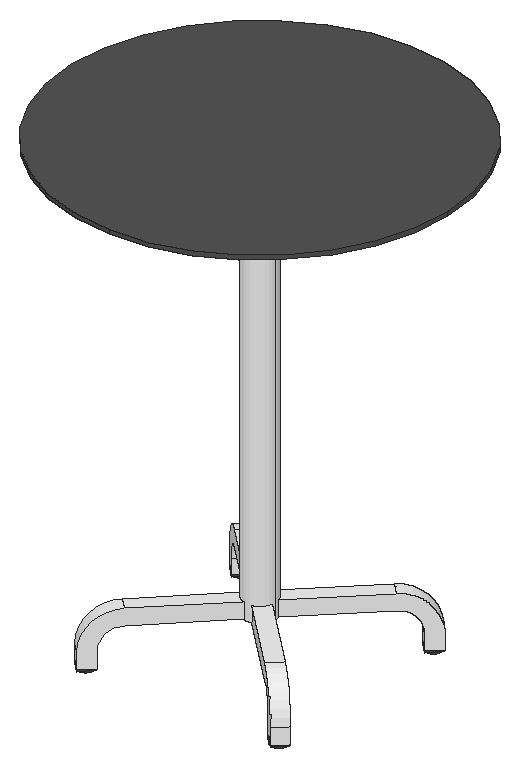
Revit family
Parameters (values of type "2006CTRD-24")
  Width & Depth Masking Region = 24"
  Width = 24"
  Weight (lbs) = 72
  Warranties = "7 Year Warranty"  # constant formula
  URL = "www.emeco.net"
  Trolly for tow Stacks = "N/A"  # constant formula
  Table Material = "Laminate or Brushed Aluminum"  # constant formula
  Table Finish Option [instance] = Emeco-Shared-Table-2006CTRD : Black
  Stackable = "Does Not Stack"  # constant formula
  Spinneybeck Volo Leather = "N/A"  # constant formula
  Sound Attenuation Pad = ""
  Product Name = "20-06™ Round Café Table"  # constant formula
  Outdoor Warranty = "Life Time Warranty except Laminate Top "  # constant formula
  Model = "2006CTRD-24"
  Manufacturer = "Emeco"  # constant formula
  Legs' Lenght Masking Region = 13 189/256"
  Legs' Lenght = 6 105/128"
  Integrated Felt Glide = "N/A"  # constant formula
  Height = 30"
  Glides = EMECO-Lexan® Glides-Black
  Frame Material = "Recycled Aluminum"  # constant formula
  Frame Finish = EMECO-Hand Brushed
  Fire Retardant Seat Pad = "N/A"  # constant formula
  Fire Retardant = "Certified Acc To Bs And Cal133"  # constant formula
  Depth = 24"
  Created by = "Contino"  # constant formula
  Collaborator = "Norman Foster"  # constant formula
  BIFMA = "Yes"  # constant formula
  Assembly Code = "E2020200"
Types (4): name | Width & Depth Masking Region | Width | Weight (lbs) | Model | Legs' Lenght Masking Region | Legs' Lenght | Glides | Depth
  (no name) | 24" | 24" | 72 | "2006CTRD-24" | 13 189/256" | 6 105/128" | EMECO-Lexan® Glides-Black | 24"
  2006CTRD-36 | 36" | 36" | 82 | "2006CTRD-36" | 22 13/128" | 12 187/256" | none | 36"
  2006CTRD-30 | 30" | 30" | 77 | "2006CTRD-30" | 17 241/256" | 9 25/32" | none | 30"
  2006CTRD-24 | 24" | 24" | 72 | "2006CTRD-24" | 13 189/256" | 6 105/128" | EMECO-Lexan® Glides-Black | 24"
Reference planes (in)
  plane 1 "Center Front/Back": y = 0
  plane 2 "Bottom": z = 0
  plane 3 "Center Left/Right": x = -2.15145
  plane 4 "Diagonal B Rigth 3": through (4.03022, 6.87765, 48) normal (-0.7071, -0.7071, 0)
  plane 5 "Diagonal B Rigth 2": through (3.33425, 6.18167, 48) normal (-0.7071, -0.7071, 0)
  plane 6 "Diagonal B Rigth 1": through (3.01922, 4.4747, 48) normal (0.7071, 0.7071, 0)
  plane 7 "Center Diagonal B": through (-8.68089, 6.52944, 48) normal (0.7071, 0.7071, 0)
  plane 8 "Diagonal B Left 1": through (-7.32213, -4.4747, 48) normal (-0.7071, -0.7071, 0)
  plane 9 "Diagonal B Left 2": through (-8.33312, -5.4857, 48) normal (-0.7071, -0.7071, 0)
  plane 10 "Diagonal B Left 3": through (-9.0291, -6.18167, 48) normal (-0.7071, -0.7071, 0)
  plane 11 "Diagonal A Rigth 3": through (4.72619, -6.18167, 48) normal (-0.7071, 0.7071, 0)
  plane 12 "Diagonal A Rigth 2": through (4.03022, -5.4857, 48) normal (-0.7071, 0.7071, 0)
  plane 13 "Diagonal A Rigth 1": through (2.32325, -5.17067, 48) normal (0.7071, -0.7071, 0)
  plane 14 "Diagonal A Left 1": through (-6.62615, 5.17067, 48) normal (-0.7071, 0.7071, 0)
  plane 15 "Diagonal A Left 2": through (-7.63715, 6.18167, 48) normal (-0.7071, 0.7071, 0)
  plane 16 "Diagonal A Left 3": through (-8.33312, 6.87765, 48) normal (-0.7071, 0.7071, 0)
  plane 17 "Center Diagonal A": through (-2.49944, -0.34799, 48) normal (0.7071, -0.7071, 0)
  plane 18 "Right 2": x = 9.84855
  plane 19 "Left 2": x = -14.15145
  plane 20 "Back 2": y = 12
  plane 21 "Front 2": y = -12
  plane 22 "Back 1": y = 6.86914
  plane 23 "Front 1": y = -6.86914
  plane 24 "Left 1": x = -9.02059
  plane 25 "Right 1": x = 4.71769
  plane 26 "Top 1": z = 29.75
Forms (in)
  Extrusion 1, solid, material "EMECO-Hand Brushed" <- "Frame Finish"
    sketch origin (-0.00057, 0.00138, 0) x (1, 0, 0) y (0, 1, 0)
      loop
        circle (-2.15145, 0) r 1
    from 2.55906 to 29.57021
  Extrusion 2, solid, material "EMECO-Hand Brushed" <- "Frame Finish"
    sketch origin (-22.87617, 23.01537, 0) x (-0.707107, -0.707107, 0) y (0, 0, 1)
      loop
        line (9.86982, 0.18862) -> (10.85407, 0.18862) -> (10.85407, 1.19702)
        arc (10.85407, 1.19702) -> (10.1207, 2.8621) -> (8.44005, 3.55906) r 2.444
        line (8.44005, 3.55906) -> (8.44005, 2.55906)
        arc (8.44005, 2.55906) -> (9.45105, 2.14029) -> (9.86982, 1.12929) r 1.42977
        line (9.86982, 1.12929) -> (9.86982, 0.18862)
    from -31.42104 to -30.43678
  Extrusion 3, solid, material "EMECO-Hand Brushed" <- "Frame Finish"
    sketch origin (-0.63015, 1.52131, 0) x (0.707107, 0.707107, 0) y (0, 0, 1)
      loop
        line (-8.97176, 2.55906) -> (-2.15145, 2.55906) -> (-2.15145, 3.55906) -> (-8.97176, 3.55906) -> (-8.97176, 2.55906)
    from -0.49213 to 0.49213
  Extrusion 4, solid, material "EMECO-Hand Brushed" <- "Frame Finish"
    sketch origin (-25.16682, 20.72472, 0) x (0.707107, 0.707107, 0) y (0, 0, -1)
      loop
        line (9.86982, -0.18862) -> (9.86982, -1.12929)
        arc (9.86982, -1.12929) -> (9.45105, -2.14029) -> (8.44005, -2.55906) r 1.42977
        line (8.44005, -2.55906) -> (8.44005, -3.55906)
        arc (8.44005, -3.55906) -> (10.1207, -2.8621) -> (10.85407, -1.19702) r 2.444
        line (10.85407, -1.19702) -> (10.85407, -0.18862) -> (9.86982, -0.18862)
    from -31.42104 to -30.43678
  Extrusion 5, solid, material "EMECO-Hand Brushed" <- "Frame Finish"
    sketch origin (-3.67276, -1.52131, 0) x (-0.707107, -0.707107, 0) y (0, 0, -1)
      loop
        line (-8.97176, -2.55906) -> (-8.97176, -3.55906) -> (-2.15145, -3.55906) -> (-2.15145, -2.55906) -> (-8.97176, -2.55906)
    from -0.49213 to 0.49213
  Extrusion 6, solid, material "EMECO-Hand Brushed" <- "Frame Finish"
    sketch origin (20.86392, 20.72472, 0) x (-0.707107, 0.707107, 0) y (0, 0, 1)
      loop
        line (9.86982, 0.18862) -> (10.85407, 0.18862) -> (10.85407, 1.19702)
        arc (10.85407, 1.19702) -> (10.1207, 2.8621) -> (8.44005, 3.55906) r 2.444
        line (8.44005, 3.55906) -> (8.44005, 2.55906)
        arc (8.44005, 2.55906) -> (9.45105, 2.14029) -> (9.86982, 1.12929) r 1.42977
        line (9.86982, 1.12929) -> (9.86982, 0.18862)
    from -31.42104 to -30.43678
  Extrusion 7, solid, material "EMECO-Hand Brushed" <- "Frame Finish"
    sketch origin (-0.63015, -1.52131, 0) x (0.707107, -0.707107, 0) y (0, 0, 1)
      loop
        line (-8.97176, 2.55906) -> (-2.15145, 2.55906) -> (-2.15145, 3.55906) -> (-8.97176, 3.55906) -> (-8.97176, 2.55906)
    from -0.49213 to 0.49213
  Extrusion 8, solid, material "EMECO-Hand Brushed" <- "Frame Finish"
    sketch origin (18.57327, 23.01537, 0) x (0.707107, -0.707107, 0) y (0, 0, -1)
      loop
        line (9.86982, -0.18862) -> (9.86982, -1.12929)
        arc (9.86982, -1.12929) -> (9.45105, -2.14029) -> (8.44005, -2.55906) r 1.42977
        line (8.44005, -2.55906) -> (8.44005, -3.55906)
        arc (8.44005, -3.55906) -> (10.1207, -2.8621) -> (10.85407, -1.19702) r 2.444
        line (10.85407, -1.19702) -> (10.85407, -0.18862) -> (9.86982, -0.18862)
    from -31.42104 to -30.43678
  Extrusion 9, solid, material "EMECO-Hand Brushed" <- "Frame Finish"
    sketch origin (-3.67276, 1.52131, 0) x (-0.707107, 0.707107, 0) y (0, 0, -1)
      loop
        line (-8.97176, -2.55906) -> (-8.97176, -3.55906) -> (-2.15145, -3.55906) -> (-2.15145, -2.55906) -> (-8.97176, -2.55906)
    from -0.49213 to 0.49213
  Extrusion 10, solid, material "EMECO-Lexan® Glides-Black" <- "Glides"
    sketch origin (-4.19073, 16.54776, 0) x (0, 1, 0) y (-1, 0, 0)
      loop
        circle (-10.3767, -8.21662) r 0.5
    from 0 to 0.09317
  Extrusion 11, solid, material "EMECO-Lexan® Glides-Black" <- "Glides"
    sketch origin (-4.25323, 16.50089, 0) x (0, 1, 0) y (-1, 0, 0)
      loop
        line (-11.01411, -8.28238) -> (-10.31813, -8.97835) -> (-9.62432, -8.28454) -> (-10.3203, -7.58857) -> (-11.01411, -8.28238)
    from 0.09317 to 0.18862
  Extrusion 12, solid, material "EMECO-Lexan® Glides-Black" <- "Glides"
    sketch origin (-0.11217, 16.54776, 0) x (0, 1, 0) y (-1, 0, 0)
      loop
        circle (-10.3767, 8.21662) r 0.5
    from 0 to 0.09317
  Extrusion 13, solid, material "EMECO-Lexan® Glides-Black" <- "Glides"
    sketch origin (-0.04967, 16.50089, 0) x (0, 1, 0) y (-1, 0, 0)
      loop
        line (-11.01411, 8.28238) -> (-10.3203, 7.58857) -> (-9.62432, 8.28454) -> (-10.31813, 8.97835) -> (-11.01411, 8.28238)
    from 0.09317 to 0.18862
  Extrusion 14, solid, material "EMECO-Lexan® Glides-Black" <- "Glides"
    sketch origin (-0.11217, -16.54776, 0) x (0, -1, 0) y (1, 0, 0)
      loop
        circle (-10.3767, -8.21662) r 0.5
    from 0 to 0.09317
  Extrusion 15, solid, material "EMECO-Lexan® Glides-Black" <- "Glides"
    sketch origin (-0.04967, -16.50089, 0) x (0, -1, 0) y (1, 0, 0)
      loop
        line (-11.01411, -8.28238) -> (-10.31813, -8.97835) -> (-9.62432, -8.28454) -> (-10.3203, -7.58857) -> (-11.01411, -8.28238)
    from 0.09317 to 0.18862
  Extrusion 16, solid, material "EMECO-Lexan® Glides-Black" <- "Glides"
    sketch origin (-4.19073, -16.54776, 0) x (0, -1, 0) y (1, 0, 0)
      loop
        circle (-10.3767, 8.21662) r 0.5
    from 0 to 0.09317
  Extrusion 17, solid, material "EMECO-Lexan® Glides-Black" <- "Glides"
    sketch origin (-4.25323, -16.50089, 0) x (0, -1, 0) y (1, 0, 0)
      loop
        line (-11.01411, 8.28238) -> (-10.3203, 7.58857) -> (-9.62432, 8.28454) -> (-10.31813, 8.97835) -> (-11.01411, 8.28238)
    from 0.09317 to 0.18862
Cuts and joins
  joined: Extrusion 1, Extrusion 2, Extrusion 3, Extrusion 4, Extrusion 5, Extrusion 6, Extrusion 7, Extrusion 8, Extrusion 9
Lines and regions (in)
  Masking region 1
    outline origin (-2.15145, 0, 0) x (0, 1, 0) y (0, 0, 1)
      loop
        line (12, 30) -> (-12, 30) -> (-12, 29.57021) -> (-0.99862, 29.57021) -> (-0.99862, 3.55457) -> (-5.16217, 3.55457)
        arc (-5.16217, 3.55457) -> (-5.92445, 3.27711) -> (-6.45758, 2.66571) r 1.62483
        arc (-6.45758, 2.66571) -> (-6.76291, 1.95926) -> (-6.86914, 1.19702) r 2.86455
        line (-6.86914, 1.19702) -> (-6.86914, 0.09317) -> (-6.71977, 0.09317) -> (-6.71977, 0) -> (-5.64464, 0) -> (-5.64464, 0.09317) -> (-5.49526, 0.09317) -> (-5.49526, 1.13684)
        arc (-5.49526, 1.13684) -> (-5.46504, 1.45979) -> (-5.37541, 1.77152) r 1.74041
        arc (-5.37541, 1.77152) -> (-5.04907, 2.32835) -> (-4.46424, 2.60133) r 1.08501
        line (-4.46424, 2.60133) -> (4.45939, 2.60133)
        arc (4.45939, 2.60133) -> (5.04422, 2.32835) -> (5.37056, 1.77152) r 1.08501
        arc (5.37056, 1.77152) -> (5.46019, 1.45979) -> (5.49042, 1.13684) r 1.74041
        line (5.49042, 1.13684) -> (5.49042, 0.09317) -> (5.63979, 0.09317) -> (5.63979, 0) -> (6.71977, 0) -> (6.71977, 0.09317) -> (6.86914, 0.09317) -> (6.86914, 1.19702)
        arc (6.86914, 1.19702) -> (6.76292, 1.95991) -> (6.45758, 2.66706) r 2.8694
        arc (6.45758, 2.66706) -> (5.9246, 3.27966) -> (5.16217, 3.55906) r 1.62977
        line (5.16217, 3.55906) -> (0.99862, 3.55906) -> (0.99862, 29.57021) -> (12, 29.57021) -> (12, 30)
  Masking region 2
    outline origin (0, 0, 0) x (1, 0, 0) y (0, 1, 0)
      loop
        arc (-2.15145, 12) -> (-10.63673, 8.48528) -> (-14.15145, 0) r 12
        arc (-14.15145, 0) -> (-10.63673, -8.48528) -> (-2.15145, -12) r 12
        arc (-2.15145, -12) -> (6.33383, -8.48528) -> (9.84855, 0) r 12
        arc (9.84855, 0) -> (6.33383, 8.48528) -> (-2.15145, 12) r 12
  Masking region 3
    outline origin (-45.25, 0, 0) x (1, 0, 0) y (0, 0, 1)
      loop
        line (31.09855, 29.75) -> (31.09855, 29.52756) -> (42.1143, 29.52756) -> (42.1143, 3.55906) -> (38.16151, 3.55906)
        arc (38.16151, 3.55906) -> (37.18286, 3.26652) -> (36.5253, 2.48488) r 1.78325
        arc (36.5253, 2.48488) -> (36.30427, 1.83435) -> (36.22941, 1.15139) r 3.15281
        line (36.22941, 1.15139) -> (36.22941, 0.09317) -> (36.38559, 0.09317) -> (36.38559, 0) -> (37.44346, 0) -> (37.44346, 0.09317) -> (37.6105, 0.09317) -> (37.6105, 1.1811)
        arc (37.6105, 1.1811) -> (37.68969, 1.6811) -> (37.91951, 2.13216) r 1.61803
        arc (37.91951, 2.13216) -> (38.21202, 2.40821) -> (38.58486, 2.55906) r 1.08739
        line (38.58486, 2.55906) -> (47.61224, 2.55906)
        arc (47.61224, 2.55906) -> (47.98508, 2.40821) -> (48.27758, 2.13216) r 1.08739
        arc (48.27758, 2.13216) -> (48.50741, 1.6811) -> (48.5866, 1.1811) r 1.61803
        line (48.5866, 1.1811) -> (48.5866, 0.09317) -> (48.75363, 0.09317) -> (48.75363, 0) -> (49.81151, 0) -> (49.81151, 0.09317) -> (49.96769, 0.09317) -> (49.96769, 1.15139)
        arc (49.96769, 1.15139) -> (49.89283, 1.83435) -> (49.6718, 2.48488) r 3.15281
        arc (49.6718, 2.48488) -> (49.01424, 3.26652) -> (48.03559, 3.55906) r 1.78325
        line (48.03559, 3.55906) -> (44.0828, 3.55906) -> (44.0828, 29.52756) -> (55.09855, 29.52756) -> (55.09855, 29.75) -> (31.09855, 29.75)
  symbolic lines
    curve 1: line (-2.15145, 6.86914, 0.18513) -> (-2.15145, 5.48962, 0.18513)
    curve 2: line (-2.15145, 6.17559, 0) -> (-2.15145, 6.17559, 1.1811)
    curve 3: arc (-2.15145, 6.17559, 1.1811) -> (-2.15145, 5.75565, 2.59879) -> (-2.15145, 4.63133, 3.55906) r 2.60299
    curve 4: line (-2.15145, 0.99862, 3.55906) -> (-2.15145, 0.34799, 3.55906)
    curve 5: line (-2.15145, 0.34799, 3.55906) -> (-2.15145, 0.34799, 2.60133)
    curve 6: line (-2.15145, -0.99862, 3.55906) -> (-2.15145, -0.34799, 3.55906)
    curve 7: line (-2.15145, -0.34799, 3.55906) -> (-2.15145, -0.34799, 2.55906)
    curve 8: line (-2.15145, -6.86842, 0.18904) -> (-2.15145, -5.49327, 0.18904)
    curve 9: line (-2.15145, -6.17559, 0.18904) -> (-2.15145, -6.17559, 1.1811)
    curve 10: arc (-2.15145, -6.17559, 1.1811) -> (-2.15145, -5.75565, 2.59879) -> (-2.15145, -4.63133, 3.55906) r 2.60299
    curve 11: line (-2.15145, 1.00138, 29.57021) -> (-2.15145, -0.99862, 29.57021)
    curve 12: line (-8.33204, 0, 0.3937) -> (-8.33204, 0, 1.1811)
    curve 13: arc (-6.83148, 0, 3.55996) -> (-7.92556, 0, 2.5874) -> (-8.33204, 0, 1.1811) r 2.63589
    curve 14: line (4.56151, 0, 0.09317) -> (3.50363, 0, 0.09317)
    curve 15: line (3.35693, 0, 0.18862) -> (4.71769, 0, 0.18862)
    curve 16: line (4.02715, 0, 0.18862) -> (4.02715, 0, 1.1811)
    curve 17: arc (2.52715, 0, 3.55906) -> (3.62082, 0, 2.58686) -> (4.02715, 0, 1.1811) r 2.63489
    curve 18: line (-3.1357, 0, 3.55906) -> (-2.3857, 0, 3.55906)
    curve 19: line (-2.3857, 0, 3.55906) -> (-2.3857, 0, 2.55906)
    curve 20: line (-1.1672, 0, 3.55906) -> (-1.89687, 0, 3.55906)
    curve 21: line (-1.89687, 0, 3.55906) -> (-1.89687, 0, 2.55906)
    curve 22: line (-3.1357, 0, 29.52756) -> (-1.1672, 0, 29.52756)
    curve 23: line (-8.33005, 0, 0.3937) -> (-8.33005, 0, 0)
    curve 24: line (4.02715, 0, 0.18862) -> (4.02715, 0, 0)
    curve 25: line (-8.86441, 0, 0.09317) -> (-7.80654, 0, 0.09317)
    curve 26: line (-7.6395, 0, 0.18862) -> (-9.02059, 0, 0.18862)
    curve 27: line (-2.15145, -5.64464, 0.09317) -> (-2.15145, -6.71977, 0.09317)
    curve 28: line (-2.15145, 5.64464, 0.09317) -> (-2.15145, 6.71977, 0.09317)
Dimensions and locks (in)
  locked: plane 5 "Diagonal B Rigth 2" to plane 6 "Diagonal B Rigth 1" at 1.42977
  locked: plane 5 "Diagonal B Rigth 2" to plane 4 "Diagonal B Rigth 3" at 0.98425
  "Legs' Lenght": plane 6 "Diagonal B Rigth 1" to plane 7 "Center Diagonal B"
  "Legs' Lenght": plane 7 "Center Diagonal B" to plane 8 "Diagonal B Left 1"
  plane 9 "Diagonal B Left 2" to plane 8 "Diagonal B Left 1" = 1.42977"
  plane 10 "Diagonal B Left 3" to plane 9 "Diagonal B Left 2" = 0.98425"
  locked: plane 12 "Diagonal A Rigth 2" to plane 13 "Diagonal A Rigth 1" at 1.42977
  locked: plane 12 "Diagonal A Rigth 2" to plane 11 "Diagonal A Rigth 3" at 0.98425
  plane 15 "Diagonal A Left 2" to plane 14 "Diagonal A Left 1" = 1.42977"
  plane 16 "Diagonal A Left 3" to plane 15 "Diagonal A Left 2" = 0.98425"
  "Legs' Lenght": plane 17 "Center Diagonal A" to plane 14 "Diagonal A Left 1"
  "Legs' Lenght": plane 13 "Diagonal A Rigth 1" to plane 17 "Center Diagonal A"
  equal spacing: plane 19 "Left 2", plane 3 "Center Left/Right", plane 18 "Right 2"
  equal spacing: plane 21 "Front 2", plane 1 "Center Front/Back", plane 20 "Back 2"
  "Width & Depth Masking Region": plane 19 "Left 2" to plane 18 "Right 2"
  "Width & Depth Masking Region": plane 21 "Front 2" to plane 20 "Back 2"
  plane 18 "Right 2" to plane 19 "Left 2" = 24"
  "Legs' Lenght Masking Region": plane 22 "Back 1" to plane 23 "Front 1"
  equal spacing: plane 22 "Back 1", plane 1 "Center Front/Back", plane 23 "Front 1"
  "Legs' Lenght Masking Region": plane 24 "Left 1" to plane 25 "Right 1"
  equal spacing: plane 24 "Left 1", plane 3 "Center Left/Right", plane 25 "Right 1"
  plane 21 "Front 2" to plane 20 "Back 2" = 24"
  aligned and locked: Extrusion 3 to Extrusion 2
  aligned and locked: Extrusion 4 to Extrusion 5
  aligned and locked: Extrusion 4 to plane 4 "Diagonal B Rigth 3"
  aligned and locked: plane 5 "Diagonal B Rigth 2" to Extrusion 4
  aligned and locked: plane 6 "Diagonal B Rigth 1" to Extrusion 5
  aligned and locked: Extrusion 5 to plane 7 "Center Diagonal B"
  aligned and locked: plane 8 "Diagonal B Left 1" to Extrusion 3
  aligned and locked: Extrusion 2 to plane 9 "Diagonal B Left 2"
  aligned and locked: plane 10 "Diagonal B Left 3" to Extrusion 2
  aligned and locked: Extrusion 6 to Extrusion 7
  aligned and locked: Extrusion 9 to Extrusion 8
  aligned and locked: plane 11 "Diagonal A Rigth 3" to Extrusion 8
  aligned and locked: Extrusion 8 to plane 12 "Diagonal A Rigth 2"
  aligned and locked: Extrusion 9 to plane 13 "Diagonal A Rigth 1"
  aligned and locked: Extrusion 7 to plane 14 "Diagonal A Left 1"
  aligned and locked: plane 15 "Diagonal A Left 2" to Extrusion 6
  aligned and locked: Extrusion 6 to plane 16 "Diagonal A Left 3"
  aligned and locked: plane 17 "Center Diagonal A" to Extrusion 7
  aligned and locked: Extrusion 9 to plane 17 "Center Diagonal A"
  aligned: Masking region 2 to plane 20 "Back 2"
  aligned: Masking region 2 to plane 18 "Right 2"
  aligned: plane 21 "Front 2" to Masking region 2
  aligned: Masking region 2 to plane 19 "Left 2"
  aligned and locked: plane 20 "Back 2" to Masking region 1
  aligned and locked: Masking region 1 to plane 21 "Front 2"
  aligned and locked: plane 22 "Back 1" to Masking region 1
  aligned and locked: Masking region 1 to plane 23 "Front 1"
  aligned: Masking region 3 to plane 25 "Right 1"
  aligned and locked: plane 24 "Left 1" to Masking region 3
  aligned and locked: plane 3 "Center Left/Right" to Masking region 2 sketch curve
  aligned and locked: plane 19 "Left 2" to Masking region 2 sketch curve
  aligned and locked: plane 21 "Front 2" to Masking region 2 sketch curve
  aligned and locked: plane 18 "Right 2" to Masking region 2 sketch curve
  aligned and locked: Masking region 3 to plane 25 "Right 1"
Automatic sketch dimensions
  Extrusion 1 sketch curve to plane 3 "Center Left/Right" = 0.00057"
  Extrusion 1 sketch curve to plane 1 "Center Front/Back" = 0.00138"
  Masking region 2 sketch curve to Masking region 2 sketch curve = 0"
  plane 1 "Center Front/Back" to Masking region 2 sketch curve = 0"
  plane 24 "Left 1" to curve 26 = 0"
  curve 23 to level = 0"
  curve 24 to level = 0"
  plane 25 "Right 1" to curve 15 = 0"
  curve 25 to plane 24 "Left 1" = 0.15618"
  curve 12 to plane 24 "Left 1" = 0.68855"
  curve 12 to curve 23 = 0.002"
  level to curve 25 = 0.09317"
  curve 23 to curve 25 = 0.52351"
  curve 25 to curve 26 = 0.16703"
  curve 13 to plane 24 "Left 1" = 2.18912"
  curve 26 to curve 13 = 1.94334"
  curve 18 to plane 3 "Center Left/Right" = 0.98425"
  curve 22 to plane 3 "Center Left/Right" = 0.98425"
  curve 19 to plane 3 "Center Left/Right" = 0.23425"
  plane 3 "Center Left/Right" to curve 20 = 0.25458"
  plane 3 "Center Left/Right" to curve 22 = 0.98425"
  curve 20 to curve 20 = 0.72967"
  level to curve 17 = 1.1811"
  plane 25 "Right 1" to curve 17 = 3.32543"
  plane 25 "Right 1" to curve 17 = 2.19054"
  level to curve 15 = 0.18862"
  curve 15 to curve 15 = 1.36076"
  curve 15 to curve 14 = 0.1467"
  curve 14 to curve 24 = 0.52351"
  curve 16 to curve 24 = 0"
  plane 25 "Right 1" to curve 14 = 0.15618"
  level to curve 14 = 0.09317"
  curve 25 to curve 26 = 0.09545"
  level to curve 23 = 0.3937"
  curve 12 to curve 23 = 0"
  curve 12 to curve 13 = 0.7874"
  level to curve 19 = 2.55906"
  curve 21 to curve 19 = 0"
  curve 19 to curve 19 = 1"
  curve 20 to curve 18 = 0"
  curve 2 to level = 0"
  curve 1 to plane 22 "Back 1" = 0"
  plane 22 "Back 1" to curve 28 = 0.14937"
  plane 22 "Back 1" to curve 2 = 0.69355"
  level to curve 28 = 0.09317"
  curve 28 to curve 2 = 0.53096"
  curve 1 to curve 28 = 0.15501"
  plane 22 "Back 1" to curve 3 = 2.23781"
  curve 3 to curve 1 = 1.91702"
  curve 11 to plane 1 "Center Front/Back" = 1.00138"
  curve 4 to plane 1 "Center Front/Back" = 0.99862"
  curve 4 to plane 1 "Center Front/Back" = 0.34799"
  plane 1 "Center Front/Back" to curve 7 = 0.34799"
  curve 6 to curve 6 = 0.65063"
  plane 1 "Center Front/Back" to curve 11 = 0.99862"
  level to curve 10 = 1.1811"
  curve 10 to plane 23 "Front 1" = 3.29654"
  curve 10 to plane 23 "Front 1" = 2.23781"
  level to curve 8 = 0.18904"
  curve 8 to plane 23 "Front 1" = 1.37587"
  curve 27 to curve 8 = 0.15137"
  curve 10 to plane 23 "Front 1" = 0.69355"
  curve 27 to plane 23 "Front 1" = 0.14937"
  curve 8 to plane 23 "Front 1" = 0.00072"
  level to curve 27 = 0.09317"
  curve 28 to curve 1 = 0.09196"
  level to curve 3 = 1.1811"
  level to curve 7 = 2.55906"
  curve 7 to curve 5 = 0.04227"
  curve 7 to curve 6 = 1"
  curve 5 to curve 4 = 0.95773"
  Extrusion 2 sketch curve to plane 8 "Diagonal B Left 1" = 0"
  Extrusion 2 sketch curve to plane 9 "Diagonal B Left 2" = 0"
  Extrusion 2 sketch curve to plane 10 "Diagonal B Left 3" = 0"
  Extrusion 2 sketch curve to plane 8 "Diagonal B Left 1" = 0.02861"
  level to Extrusion 2 sketch curve = 0.18862"
  level to Extrusion 2 sketch curve = 1.11523"
  Extrusion 2 sketch curve to Extrusion 2 sketch curve = 0.94066"
  Extrusion 2 sketch curve to Extrusion 2 sketch curve = 0.06773"
  Extrusion 3 sketch curve to plane 8 "Diagonal B Left 1" = 0"
  Extrusion 3 sketch curve to plane 7 "Center Diagonal B" = 0"
  level to Extrusion 3 sketch curve = 2.55906"
  Extrusion 3 sketch curve to Extrusion 3 sketch curve = 1"
  Extrusion 4 sketch curve to plane 6 "Diagonal B Rigth 1" = 0"
  Extrusion 4 sketch curve to plane 5 "Diagonal B Rigth 2" = 0"
  Extrusion 4 sketch curve to plane 4 "Diagonal B Rigth 3" = 0"
  Extrusion 4 sketch curve to plane 6 "Diagonal B Rigth 1" = 0.02861"
  level to Extrusion 4 sketch curve = 3.55906"
  Extrusion 4 sketch curve to Extrusion 4 sketch curve = 1"
  Extrusion 4 sketch curve to Extrusion 4 sketch curve = 0.06773"
  level to Extrusion 4 sketch curve = 0.18862"
  Extrusion 5 sketch curve to plane 6 "Diagonal B Rigth 1" = 0"
  Extrusion 5 sketch curve to plane 7 "Center Diagonal B" = 0"
  level to Extrusion 5 sketch curve = 3.55906"
  Extrusion 5 sketch curve to Extrusion 5 sketch curve = 1"
  Extrusion 6 sketch curve to plane 14 "Diagonal A Left 1" = 0"
  Extrusion 6 sketch curve to plane 15 "Diagonal A Left 2" = 0"
  Extrusion 6 sketch curve to plane 16 "Diagonal A Left 3" = 0"
  Extrusion 6 sketch curve to plane 14 "Diagonal A Left 1" = 0.02861"
  level to Extrusion 6 sketch curve = 0.18862"
  level to Extrusion 6 sketch curve = 1.11523"
  Extrusion 6 sketch curve to Extrusion 6 sketch curve = 0.94066"
  Extrusion 6 sketch curve to Extrusion 6 sketch curve = 0.06773"
  Extrusion 7 sketch curve to plane 14 "Diagonal A Left 1" = 0"
  Extrusion 7 sketch curve to plane 17 "Center Diagonal A" = 0"
  level to Extrusion 7 sketch curve = 2.55906"
  Extrusion 7 sketch curve to Extrusion 7 sketch curve = 1"
  Extrusion 8 sketch curve to plane 13 "Diagonal A Rigth 1" = 0"
  Extrusion 8 sketch curve to plane 12 "Diagonal A Rigth 2" = 0"
  Extrusion 8 sketch curve to plane 11 "Diagonal A Rigth 3" = 0"
  Extrusion 8 sketch curve to plane 13 "Diagonal A Rigth 1" = 0.02861"
  level to Extrusion 8 sketch curve = 3.55906"
  Extrusion 8 sketch curve to Extrusion 8 sketch curve = 1"
  Extrusion 8 sketch curve to Extrusion 8 sketch curve = 0.06773"
  level to Extrusion 8 sketch curve = 0.18862"
  Extrusion 9 sketch curve to plane 13 "Diagonal A Rigth 1" = 0"
  Extrusion 9 sketch curve to plane 17 "Center Diagonal A" = 0"
  level to Extrusion 9 sketch curve = 3.55906"
  Extrusion 9 sketch curve to Extrusion 9 sketch curve = 1"
  Masking region 1 sketch curve to plane 21 "Front 2" = 0"
  Masking region 1 sketch curve to plane 23 "Front 1" = 0"
  Masking region 1 sketch curve to level = 0"  (x2)
  Masking region 1 sketch curve to plane 22 "Back 1" = 0"
  Masking region 1 sketch curve to plane 20 "Back 2" = 0"
  Masking region 1 sketch curve to Masking region 1 sketch curve = 0.14937"  (x3)
  Masking region 1 sketch curve to plane 23 "Front 1" = 0.41156"
  level to Masking region 1 sketch curve = 0.09317"  (x4)
  Masking region 1 sketch curve to Masking region 1 sketch curve = 1.07513"
  Masking region 1 sketch curve to Masking region 1 sketch curve = 0.11985"
  Masking region 1 sketch curve to Masking region 1 sketch curve = 1.29541"
  Masking region 1 sketch curve to Masking region 1 sketch curve = 0.37026"  (x2)
  Masking region 1 sketch curve to Masking region 1 sketch curve = 0.54091"
  Masking region 1 sketch curve to Masking region 1 sketch curve = 0.68664"  (x2)
  Masking region 1 sketch curve to Masking region 1 sketch curve = 0.3139"  (x2)
  Masking region 1 sketch curve to Masking region 1 sketch curve = 0.24976"  (x2)
  plane 1 "Center Front/Back" to Masking region 1 sketch curve = 0.99862"
  Masking region 1 sketch curve to plane 1 "Center Front/Back" = 0.99862"
  plane 22 "Back 1" to Masking region 1 sketch curve = 3.11914"
  Masking region 1 sketch curve to Masking region 1 sketch curve = 0.14573"
  Masking region 1 sketch curve to Masking region 1 sketch curve = 0.70278"
  Masking region 1 sketch curve to Masking region 1 sketch curve = 1.37873"
  plane 22 "Back 1" to Masking region 1 sketch curve = 0.41156"
  plane 22 "Back 1" to Masking region 1 sketch curve = 0.14937"
  Masking region 1 sketch curve to Masking region 1 sketch curve = 1.04367"  (x2)
  Masking region 1 sketch curve to Masking region 1 sketch curve = 0.04949"  (x2)
  Masking region 1 sketch curve to Masking region 1 sketch curve = 1.10385"  (x2)
  Masking region 1 sketch curve to Masking region 1 sketch curve = 0.33982"
  Masking region 1 sketch curve to Masking region 1 sketch curve = 0.16582"  (x2)
  Masking region 1 sketch curve to Masking region 1 sketch curve = 0.42979"  (x2)
  Extrusion 10 sketch curve to plane 22 "Back 1" = 0.69808"
  Extrusion 10 sketch curve to plane 25 "Right 1" = 0.6918"
  plane 5 "Diagonal B Rigth 2" to Extrusion 11 sketch curve = 0"  (x2)
  plane 4 "Diagonal B Rigth 3" to Extrusion 11 sketch curve = 0"
  Extrusion 11 sketch curve to plane 25 "Right 1" = 0.68855"
  Extrusion 11 sketch curve to plane 22 "Back 1" = 0.68855"
  plane 22 "Back 1" to Extrusion 12 sketch curve = 0.69808"
  Extrusion 12 sketch curve to plane 24 "Left 1" = 0.6918"
  Extrusion 13 sketch curve to plane 15 "Diagonal A Left 2" = 0"  (x2)
  Extrusion 13 sketch curve to plane 16 "Diagonal A Left 3" = 0"
  Extrusion 13 sketch curve to plane 24 "Left 1" = 0.68855"
  plane 22 "Back 1" to Extrusion 13 sketch curve = 0.68855"
  Extrusion 14 sketch curve to plane 23 "Front 1" = 0.69808"
  Extrusion 14 sketch curve to plane 24 "Left 1" = 0.6918"
  plane 9 "Diagonal B Left 2" to Extrusion 15 sketch curve = 0"  (x2)
  plane 10 "Diagonal B Left 3" to Extrusion 15 sketch curve = 0"
  Extrusion 15 sketch curve to plane 24 "Left 1" = 0.68855"
  Extrusion 15 sketch curve to plane 23 "Front 1" = 0.68855"
  Extrusion 16 sketch curve to plane 23 "Front 1" = 0.69808"
  plane 25 "Right 1" to Extrusion 16 sketch curve = 0.6918"
  Extrusion 17 sketch curve to plane 12 "Diagonal A Rigth 2" = 0"  (x2)
  Extrusion 17 sketch curve to plane 11 "Diagonal A Rigth 3" = 0"
  plane 25 "Right 1" to Extrusion 17 sketch curve = 0.68855"
  Extrusion 17 sketch curve to plane 23 "Front 1" = 0.68855"
  curve 20 to curve 22 = 25.9685"
  curve 4 to curve 11 = 26.01116"
  Masking region 1 sketch curve to Masking region 1 sketch curve = 26.01116"
  Masking region 3 sketch curve to plane 19 "Left 2" = 0"
  plane 24 "Left 1" to Masking region 3 sketch curve = 0"
  Masking region 3 sketch curve to level = 0"  (x2)
  plane 25 "Right 1" to Masking region 3 sketch curve = 0"
  plane 18 "Right 2" to Masking region 3 sketch curve = 0"
  Masking region 3 sketch curve to plane 26 "Top 1" = 0"
  Masking region 3 sketch curve to plane 24 "Left 1" = 0.15618"
  Masking region 3 sketch curve to plane 24 "Left 1" = 0.29589"
  Masking region 3 sketch curve to Masking region 3 sketch curve = 1.05788"
  Masking region 3 sketch curve to Masking region 3 sketch curve = 0.16703"  (x2)
  Masking region 3 sketch curve to Masking region 3 sketch curve = 0.30902"
  Masking region 3 sketch curve to Masking region 3 sketch curve = 0"  (x2)
  Masking region 3 sketch curve to Masking region 3 sketch curve = 0.242"  (x2)
  Masking region 3 sketch curve to Masking region 3 sketch curve = 0.66534"
  Masking region 3 sketch curve to Masking region 3 sketch curve = 0.63772"  (x2)
  Masking region 3 sketch curve to Masking region 3 sketch curve = 0.4293"  (x2)
  Masking region 3 sketch curve to Masking region 3 sketch curve = 0.15368"  (x2)
  Masking region 3 sketch curve to plane 3 "Center Left/Right" = 0.98425"
  plane 3 "Center Left/Right" to Masking region 3 sketch curve = 0.98425"
  level to Masking region 3 sketch curve = 1.15139"
  plane 25 "Right 1" to Masking region 3 sketch curve = 3.15281"
  Masking region 3 sketch curve to Masking region 3 sketch curve = 0.21437"
  level to Masking region 3 sketch curve = 0.09317"  (x4)
  plane 25 "Right 1" to Masking region 3 sketch curve = 1.38109"
  plane 25 "Right 1" to Masking region 3 sketch curve = 0.29589"
  plane 25 "Right 1" to Masking region 3 sketch curve = 0.15618"
  Masking region 3 sketch curve to Masking region 3 sketch curve = 1.05822"
  Masking region 3 sketch curve to Masking region 3 sketch curve = 1.08793"
  Masking region 3 sketch curve to Masking region 3 sketch curve = 0.35636"  (x2)
  plane 26 "Top 1" to Masking region 3 sketch curve = 0.22244"
  Masking region 3 sketch curve to Masking region 3 sketch curve = 0.22244"
  radius of Extrusion 1 sketch curve = 1"
  radius of Extrusion 10 sketch curve = 1/2"
  radius of Extrusion 12 sketch curve = 1/2"
  radius of Extrusion 14 sketch curve = 1/2"
  radius of Extrusion 16 sketch curve = 1/2"
Nested families (in)
  nested 1: "Emeco-Shared-Table-2006CTRD" at (-2.15932, 0.00787, 29.53115), Width <- "Width", Depth <- "Depth", type <- "Table Finish Option", type "Black"
    with Width 24", Depth 24"
Definition of nested family "Emeco-Shared-Table-2006CTRD"
  Parameters (values of type "Black")
    Width [instance] = 24"
    Table Finish = EMECO-Black
    Depth [instance] = 24"
    Assembly Code = ""
  Types (4): name | Table Finish
    Black | EMECO-Black
    Gray | EMECO-Gray
    White | EMECO-White
    Brushed Aluminum | EMECO-Hand Brushed
  Reference planes (in)
    plane 1 "Center (Front/Back)": y = -0.00787
    plane 2: z = 0
    plane 3 "Center (Left/Right)": x = 0.00787
    plane 4 "Back 1": y = 11.99213
    plane 5 "Front 1": y = -12.00787
    plane 6 "Left 1": x = -11.99213
    plane 7 "Right 1": x = 12.00787
  Forms (in)
    Extrusion 1, solid, material "EMECO-Black" <- "Table Finish"
      sketch origin (0, 0, 0) x (1, 0, 0) y (0, 1, 0)
        loop
          arc (0.00787, 11.99213) -> (-8.47741, 8.47741) -> (-11.99213, -0.00787) r 12
          arc (-11.99213, -0.00787) -> (-8.47741, -8.49316) -> (0.00787, -12.00787) r 12
          arc (0.00787, -12.00787) -> (8.49316, -8.49316) -> (12.00787, -0.00787) r 12
          arc (12.00787, -0.00787) -> (8.49316, 8.47741) -> (0.00787, 11.99213) r 12
      from 0 to 0.25
  Dimensions and locks (in)
    "Depth": plane 5 "Front 1" to plane 4 "Back 1"
    "Width": plane 6 "Left 1" to plane 7 "Right 1"
    equal spacing: plane 6 "Left 1", plane 3 "Center (Left/Right)", plane 7 "Right 1"
    equal spacing: plane 5 "Front 1", plane 1 "Center (Front/Back)", plane 4 "Back 1"
    aligned and locked: plane 4 "Back 1" to Extrusion 1 sketch curve
    aligned and locked: plane 6 "Left 1" to Extrusion 1 sketch curve
    aligned and locked: plane 5 "Front 1" to Extrusion 1 sketch curve
    aligned and locked: plane 7 "Right 1" to Extrusion 1 sketch curve
  Automatic sketch dimensions
    Extrusion 1 sketch curve to Extrusion 1 sketch curve = 0"
